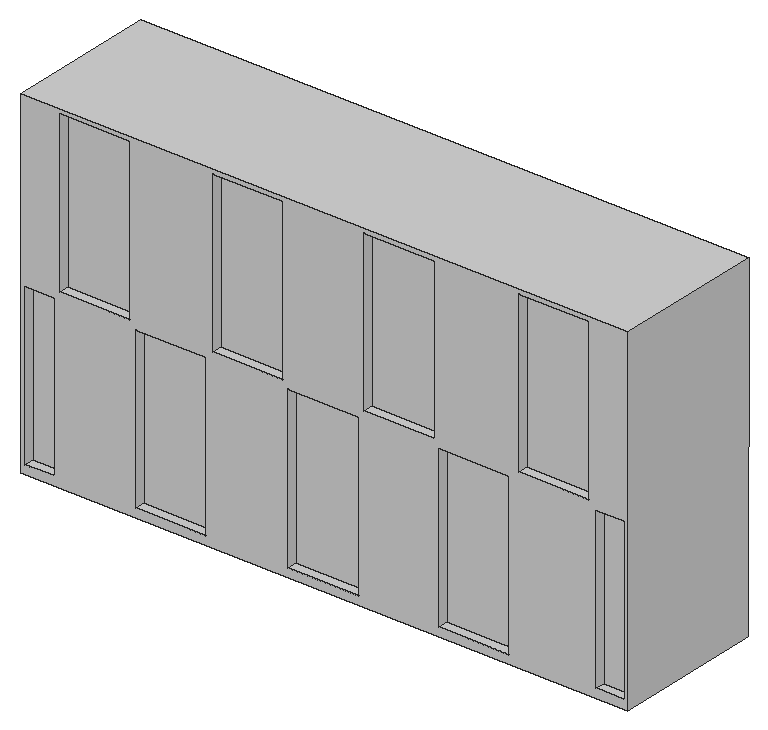
Revit family "SA 7H8W", category Mechanical Equipment, Revit 2019
Family settings
  Round Connector Dimension = Use Diameter
  Part Type = Normal
  OmniClass Number = 23.75.00.00
  OmniClass Title = Climate Control (HVAC)
  Work Plane-Based = No
  Always vertical = Yes
  Cut with Voids When Loaded = No
  Shared = No
  Room Calculation Point = No
Parameters (values of type "7H8W SA")
  Width = 5' - 4 1/2"
  Weight (lbs.) = "5934"
  URL = "www.renewaire.com"
  Model = "7H8W SA"
  Manufacturer = "Renewaire LLC"
  Length = 21' - 8 1/2"
  Housing = Metal - RenewAire - Anodized - Gray Text
  Height = 12' - 1 3/8"
  Description = "Energy Recovery Ventilator"
  Cores (L125-G5) = "56"
  Airflow Range (CFM) = "14,000-61,600"
Reference planes (in)
  plane 1 "Center (Front/Back)": y = 0
  plane 2: z = 0
  plane 3 "Center (Left/Right)": x = 0
Forms (in)
  Extrusion 1, solid, material "Metal - RenewAire - Anodized - Gray Text" <- "Housing"
    sketch origin (0, -16.07731, 0) x (0, 1, 0) y (0, 0, 1)
      loop
        line (32.26413, 145.375) -> (-32.26413, 145.375) -> (-32.26413, 0) -> (32.26413, 0) -> (32.26413, 145.375)
    from 0 to 260.5
  Extrusion 2, void
    sketch origin (-0.54697, -14.11828, -1.5286) x (1, 0, 0) y (0, 0, 1)
      loop
        line (2.375, 73.78305) -> (2.375, 5.25) -> (15.17072, 5.25) -> (15.17072, 73.78305) -> (2.375, 73.78305)
      loop
        line (49.92926, 73.78305) -> (49.92926, 5.25) -> (80.17926, 5.25) -> (80.17926, 73.78305) -> (49.92926, 73.78305)
      loop
        line (47.67194, 145.375) -> (17.42194, 145.375) -> (17.42194, 76.78305) -> (47.67194, 76.78305) -> (47.67194, 145.375)
      loop
        line (82.94551, 145.31611) -> (82.94551, 76.78305) -> (113.19551, 76.78305) -> (113.19551, 145.31611) -> (82.94551, 145.31611)
      loop
        line (115.42072, 73.78305) -> (115.42072, 5.25) -> (145.67072, 5.25) -> (145.67072, 73.78305) -> (115.42072, 73.78305)
      loop
        line (147.83521, 145.31611) -> (147.83521, 76.78305) -> (178.08521, 76.78305) -> (178.08521, 145.31611) -> (147.83521, 145.31611)
      loop
        line (179.92072, 73.78305) -> (179.92072, 5.25) -> (210.17072, 5.25) -> (210.17072, 73.78305) -> (179.92072, 73.78305)
      loop
        line (214.22405, 145.31611) -> (214.22405, 76.78305) -> (244.47405, 76.78305) -> (244.47405, 145.31611) -> (214.22405, 145.31611)
      loop
        line (247.17072, 73.78305) -> (247.17072, 5.25) -> (259.54572, 5.25) -> (259.54572, 73.78305) -> (247.17072, 73.78305)
    from 30 to 38.22316
  Extrusion 3, void
    sketch origin (-0.54729, 49.88172, -1.52719) x (1, 0, 0) y (0, 0, 1)
      loop
        line (2.375, 73.78305) -> (2.375, 5.25) -> (15.17072, 5.25) -> (15.17072, 73.78305) -> (2.375, 73.78305)
      loop
        line (49.92926, 73.78305) -> (49.92926, 5.25) -> (80.25787, 5.25) -> (80.25787, 73.78305) -> (49.92926, 73.78305)
      loop
        line (47.75055, 145.375) -> (17.42194, 145.375) -> (17.42194, 76.78305) -> (47.75055, 76.78305) -> (47.75055, 145.375)
      loop
        line (82.94551, 145.31611) -> (82.94551, 76.78305) -> (113.14979, 76.78305) -> (113.14979, 145.31611) -> (82.94551, 145.31611)
      loop
        line (115.375, 73.7557) -> (115.375, 5.22264) -> (145.375, 5.22264) -> (145.375, 73.7557) -> (115.375, 73.7557)
      loop
        line (178.0395, 145.28875) -> (147.7895, 145.28875) -> (147.7895, 76.7557) -> (178.0395, 76.7557) -> (178.0395, 145.28875)
      loop
        line (210.17104, 73.78164) -> (179.92104, 73.78164) -> (179.92104, 5.24859) -> (210.17104, 5.24859) -> (210.17104, 73.78164)
      loop
        line (244.47437, 145.3147) -> (214.22437, 145.3147) -> (214.22437, 76.78164) -> (244.47437, 76.78164) -> (244.47437, 145.3147)
      loop
        line (259.54604, 73.78164) -> (247.17104, 73.78164) -> (247.17104, 5.24859) -> (259.54604, 5.24859) -> (259.54604, 73.78164)
    from 30 to 38.22316
Cuts and joins
  Extrusion 2, Extrusion 3 cuts Extrusion 1
Dimensions and locks (in)
  aligned and locked: level to plane 2
